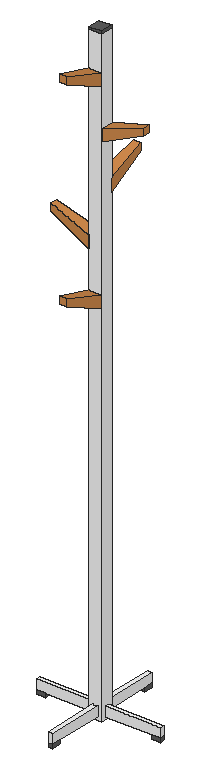
Revit family "Magnuson-Second_Tree1", category Furniture, Revit 2014
Parameters (values of type "Second Tree")
  Width = 15"
  URL = "https://magnusongroup.com/products.html"
  Type Comments = "SECOND TREE"  # constant formula
  Hangers Finish = MAG - Wood (Oak)
  Frame Finish = MAG - Powdercoat White
  Salvage or Reuse = yes
  Percentage of Recycled Content = 0
  Model = "Second Tree"
  Manufacturer = "MAGNUSON GROUP"  # constant formula
  Low Emitting Material = yes
  Low Emitting Finish = yes
  Keynote = "12500"
  Height = 74 3/4"
  Cap Finish = MAG - Plastic Black
  Description = "Second Tree"
  Depth = 15"
  Glides Finish = MAG - Plastic Black
  Assembly Code = "E2020200"
Reference planes (in)
  plane 1 "Center Front/Back": y = 0
  plane 2: z = 0
  plane 3 "Center Left/Right": x = 0
  plane 4: x = -0.75
  plane 5: x = 0.75
  plane 6: y = 0.75
  plane 7: y = -0.75
  plane 8: x = -0.26562
  plane 9: x = 0.26563
  plane 10: y = 0.26563
  plane 11: y = -0.26562
  plane 12: x = -7.5
  plane 13: x = 7.5
  plane 14: y = 7.5
  plane 15: y = -7.5
  plane 16: y = 6.375
  plane 17: y = -6.375
  plane 18: x = 6.375
  plane 19: x = -6.375
  plane 20: z = 0.45312
  plane 21: z = 1.60937
  plane 22: z = 74.5
  plane 23: z = 74.75
  plane 24: z = 0.0625
  plane 25: z = 44.75074
  plane 26: z = 50.75074
  plane 27: z = 56.75074
  plane 28: z = 62.75074
  plane 29: z = 68.75074
Forms (in)
  Extrusion 1, solid, material "MAG - Powdercoat White" <- "Frame Finish"
    sketch origin (0, 0, 0) x (1, 0, 0) y (0, 1, 0)
      loop
        line (0.26563, 7.5) -> (-0.26562, 7.5) -> (-0.26562, 0.75) -> (0.26563, 0.75) -> (0.26563, 7.5)
      loop
        line (7.5, 0.26563) -> (0.75, 0.26563) -> (0.75, -0.26562) -> (7.5, -0.26562) -> (7.5, 0.26563)
      loop
        line (0.26563, -7.5) -> (0.26563, -0.75) -> (-0.26562, -0.75) -> (-0.26562, -7.5) -> (0.26563, -7.5)
      loop
        line (-7.5, 0.26563) -> (-7.5, -0.26562) -> (-0.75, -0.26562) -> (-0.75, 0.26563) -> (-7.5, 0.26563)
    from 0.45312 to 1.60937
  Extrusion 2, solid, material "MAG - Powdercoat White" <- "Frame Finish"
    sketch origin (0, 0, 0) x (1, 0, 0) y (0, 1, 0)
      loop
        line (0.75, 0.75) -> (-0.75, 0.75) -> (-0.75, -0.75) -> (0.75, -0.75) -> (0.75, 0.75)
    from 0.0625 to 74.5
  Extrusion 3, solid, material "MAG - Plastic Black" <- "Glides Finish"
    sketch origin (0, 0, 0) x (1, 0, 0) y (0, 1, 0)
      loop
        line (0.26563, 7.5) -> (-0.26562, 7.5) -> (-0.26562, 6.375) -> (0.26563, 6.375) -> (0.26563, 7.5)
    from 0 to 0.45312
  Extrusion 4, solid, material "MAG - Plastic Black" <- "Glides Finish"
    sketch origin (0, 0, 0) x (1, 0, 0) y (0, 1, 0)
      loop
        line (6.375, 0.26563) -> (6.375, -0.26562) -> (7.5, -0.26562) -> (7.5, 0.26563) -> (6.375, 0.26563)
    from 0 to 0.45312
  Extrusion 5, solid, material "MAG - Plastic Black" <- "Glides Finish"
    sketch origin (0, 0, 0) x (1, 0, 0) y (0, 1, 0)
      loop
        line (0.26563, -6.375) -> (-0.26562, -6.375) -> (-0.26562, -7.5) -> (0.26563, -7.5) -> (0.26563, -6.375)
    from 0 to 0.45312
  Extrusion 6, solid, material "MAG - Plastic Black" <- "Glides Finish"
    sketch origin (0, 0, 0) x (1, 0, 0) y (0, 1, 0)
      loop
        line (-7.5, 0.26563) -> (-7.5, -0.26562) -> (-6.375, -0.26562) -> (-6.375, 0.26563) -> (-7.5, 0.26563)
    from 0 to 0.45312
  Extrusion 7, solid, material "MAG - Plastic Black" <- "Cap Finish"
    sketch origin (0, 0, 0) x (1, 0, 0) y (0, 1, 0)
      loop
        line (0.75, 0.75) -> (-0.75, 0.75) -> (-0.75, -0.75) -> (0.75, -0.75) -> (0.75, 0.75)
    from 74.5 to 74.75
Lines and regions (in)
  symbolic lines
    curve 1: line (0.26563, 7.5, 0) -> (0.26563, 5.57653, 0)
    curve 2: line (-0.26562, 7.5, 0) -> (-0.26562, 5.57653, 0)
    curve 3: line (0.26563, 7.5, 0) -> (-0.26562, 7.5, 0)
    curve 4: line (7.5, 0.26563, 0) -> (5.57653, 0.26563, 0)
    curve 5: line (7.5, -0.26562, 0) -> (5.57653, -0.26562, 0)
    curve 6: line (7.5, 0.26563, 0) -> (7.5, -0.26562, 0)
    curve 7: line (0.26563, -7.5, 0) -> (-0.26562, -7.5, 0)
    curve 8: line (-0.26562, -5.57653, 0) -> (-0.26562, -7.5, 0)
    curve 9: line (0.26563, -5.57653, 0) -> (0.26563, -7.5, 0)
    curve 10: line (-7.5, 0.26563, 0) -> (-7.5, -0.26562, 0)
    curve 11: line (-5.57653, 0.26563, 0) -> (-7.5, 0.26563, 0)
    curve 12: line (-5.57653, -0.26562, 0) -> (-7.5, -0.26562, 0)
    curve 13: line (5.57653, 0.38249, 0) -> (0.7484, 0.75012, 0)
    curve 14: line (0.7484, 0.75012, 0) -> (0.7484, -0.75, 0)
    curve 15: line (0.7484, -0.75, 0) -> (5.57653, -0.43592, 0)
    curve 16: line (5.57653, -0.43592, 0) -> (5.57653, 0.38249, 0)
Dimensions and locks (in)
  locked: plane 23 to plane 22 at 0.25
  plane 21 to plane 20 to plane 2 = 1 5/32" locked, 29/64" locked
  locked: plane 24 to plane 2 at 0.0625
  "Height": plane 23 to plane 2
  "Width": plane 12 to plane 13
  "Depth": plane 15 to plane 14
  locked: plane 12 to plane 19 at 1.125
  locked: plane 18 to plane 13 at 1.125
  locked: plane 16 to plane 14 at 1.125
  locked: plane 15 to plane 17 at 1.125
  plane 4 to plane 8 to plane 3 "Center Left/Right" to plane 9 to plane 5 = 31/64" locked, 17/64" locked, 17/64" locked, 31/64" locked
  plane 7 to plane 11 to plane 1 "Center Front/Back" to plane 10 to plane 6 = 31/64" locked, 17/64" locked, 17/64" locked, 31/64" locked
  equal spacing: plane 12, plane 3 "Center Left/Right", plane 13
  equal spacing: plane 15, plane 1 "Center Front/Back", plane 14
  plane 23 to plane 29 to plane 28 to plane 27 to plane 26 to plane 25 = 5.99926" locked, 6" locked, 6" locked, 6" locked, 6" locked
  aligned and locked: level to plane 2
  aligned and locked: Extrusion 1 sketch curve to plane 9
  aligned and locked: Extrusion 1 sketch curve to plane 8
  aligned and locked: Extrusion 1 sketch curve to plane 10
  aligned and locked: Extrusion 1 sketch curve to plane 11
  aligned and locked: Extrusion 1 sketch curve to plane 14
  aligned and locked: Extrusion 1 sketch curve to plane 13
  aligned and locked: Extrusion 1 sketch curve to plane 15
  aligned and locked: Extrusion 1 sketch curve to plane 12
  aligned and locked: Extrusion 1 sketch curve to plane 5
  aligned and locked: Extrusion 1 sketch curve to plane 4
  aligned and locked: Extrusion 1 sketch curve to plane 6
  aligned and locked: Extrusion 1 sketch curve to plane 7
  aligned and locked: Extrusion 2 sketch curve to plane 6
  aligned and locked: Extrusion 2 sketch curve to plane 7
  aligned and locked: Extrusion 2 sketch curve to plane 5
  aligned and locked: Extrusion 2 sketch curve to plane 4
  aligned and locked: Extrusion 1 to plane 20
  aligned and locked: plane 21 to Extrusion 1
  aligned and locked: Extrusion 3 sketch curve to plane 9
  aligned and locked: Extrusion 3 sketch curve to plane 8
  aligned and locked: Extrusion 3 sketch curve to plane 16
  aligned and locked: Extrusion 3 sketch curve to plane 14
  aligned and locked: Extrusion 4 sketch curve to plane 18
  aligned and locked: Extrusion 4 sketch curve to plane 13
  aligned and locked: Extrusion 4 sketch curve to plane 10
  aligned and locked: Extrusion 4 sketch curve to plane 11
  aligned and locked: Extrusion 5 sketch curve to plane 17
  aligned and locked: Extrusion 5 sketch curve to plane 15
  aligned and locked: Extrusion 5 sketch curve to plane 9
  aligned and locked: Extrusion 5 sketch curve to plane 8
  aligned and locked: Extrusion 6 sketch curve to plane 12
  aligned and locked: Extrusion 6 sketch curve to plane 19
  aligned and locked: Extrusion 6 sketch curve to plane 11
  aligned and locked: Extrusion 6 sketch curve to plane 10
  aligned and locked: Extrusion 6 to plane 2
  aligned and locked: plane 20 to Extrusion 6
  aligned and locked: Extrusion 4 to plane 2
  aligned and locked: plane 20 to Extrusion 4
  aligned and locked: Extrusion 3 to plane 2
  aligned and locked: plane 20 to Extrusion 3
  aligned and locked: Extrusion 5 to plane 2
  aligned and locked: plane 20 to Extrusion 5
  aligned and locked: Extrusion 2 to plane 24
  aligned and locked: plane 22 to Extrusion 2
  aligned and locked: Extrusion 7 sketch curve to plane 5
  aligned and locked: Extrusion 7 sketch curve to plane 4
  aligned and locked: Extrusion 7 sketch curve to plane 6
  aligned and locked: Extrusion 7 sketch curve to plane 7
  aligned and locked: Extrusion 7 to plane 22
  aligned and locked: plane 23 to Extrusion 7
  aligned and locked: plane 28 to nested 1
  aligned and locked: nested 2 to plane 26
  aligned and locked: plane 27 to nested 3
  aligned and locked: plane 25 to nested 4
  aligned and locked: plane 29 to nested 5
  aligned and locked: plane 1 "Center Front/Back" to nested 1
  aligned and locked: nested 1 to plane 1 "Center Front/Back"  (x2)
  aligned and locked: plane 3 "Center Left/Right" to nested 3
  aligned and locked: nested 3 to plane 3 "Center Left/Right"
  aligned and locked: nested 2 to plane 1 "Center Front/Back"
  aligned and locked: plane 1 "Center Front/Back" to nested 2
  aligned and locked: nested 5 to plane 3 "Center Left/Right"
  aligned and locked: nested 4 to plane 3 "Center Left/Right"
  aligned and locked: plane 1 "Center Front/Back" to nested 5
  aligned and locked: nested 3 to plane 1 "Center Front/Back"
  aligned and locked: plane 1 "Center Front/Back" to nested 4
  aligned and locked: plane 3 "Center Left/Right" to nested 1
  aligned and locked: plane 3 "Center Left/Right" to nested 2
  aligned and locked: curve 1 to plane 9
  aligned and locked: curve 2 to plane 8
  aligned and locked: curve 3 to plane 14
  aligned and locked: nested 3 to curve 1
  aligned and locked: nested 3 to curve 2
  aligned and locked: curve 4 to plane 10
  aligned and locked: curve 5 to plane 11
  aligned and locked: curve 6 to plane 13
  aligned and locked: nested 1 to curve 4
  aligned and locked: curve 7 to plane 15
  aligned and locked: nested 5 to curve 9
  aligned and locked: nested 5 to curve 8
  aligned and locked: curve 10 to plane 12
  aligned and locked: nested 2 to curve 12
  aligned and locked: nested 2 to curve 11
  aligned and locked: curve 13 to nested 1
  aligned and locked: curve 14 to nested 1
  aligned and locked: curve 15 to nested 1
  aligned and locked: curve 16 to nested 1
Automatic sketch dimensions
  Extrusion 1 sketch curve to plane 8 = 0"
  Extrusion 1 sketch curve to plane 9 = 0"
  plane 11 to Extrusion 1 sketch curve = 0"
  plane 10 to Extrusion 1 sketch curve = 0"
  curve 9 to plane 9 = 0"
  curve 8 to plane 8 = 0"
  plane 11 to curve 12 = 0"
  plane 10 to curve 11 = 0"
Nested families (in)
  nested 1: "Hanger" at (0, 0, 4.2504), Hanger Finish <- "Hangers Finish", type "Hanger"
    with Hanger Finish MAG - Wood (Oak)
  nested 2: "Hanger" at (0, 0, -7.7496) x (-1, 0, 0) z (0, 0, 1), Hanger Finish <- "Hangers Finish", type "Hanger"
    with Hanger Finish MAG - Wood (Oak)
  nested 3: "Hanger" at (0, 0, -1.7496) x (0, 1, 0) z (0, 0, 1), Hanger Finish <- "Hangers Finish", type "Hanger"
    with Hanger Finish MAG - Wood (Oak)
  nested 4: "Hanger" at (0, 0, -13.7496) x (0, -1, 0) z (0, 0, 1), Hanger Finish <- "Hangers Finish", type "Hanger"
    with Hanger Finish MAG - Wood (Oak)
  nested 5: "Hanger" at (0, 0, 10.2504) x (0, -1, 0) z (0, 0, 1), Hanger Finish <- "Hangers Finish", type "Hanger"
    with Hanger Finish MAG - Wood (Oak)
Definition of nested family "Hanger"
  Parameters (values of type "Hanger")
    URL = "https://magnusongroup.com/products.html"
    Type Comments = ""
    Model = ""
    Manufacturer = "MAGNUSON GROUP"  # constant formula
    Keynote = "12500"
    Hanger Finish [instance] = none
    Description = ""
    Assembly Code = "E2020200"
  Reference planes (in)
    plane 1 "Center Front/Back": y = 0
    plane 2: z = 0
    plane 3 "Center Left/Right": x = 0
    plane 4: x = 0.7484
    plane 5: y = 0.75012
    plane 6: y = -0.75
    plane 7: z = 58.50034
    plane 8: x = 5.57653
    plane 9: y = 1.25012
    plane 10: y = -1.25
    plane 11: x = 6.07653
    plane 12: z = 58.00034
    plane 13: z = 62.50034
  Forms (in)
    Extrusion 1, solid, material <- "Hanger Finish"
      sketch origin (0, 0, 0) x (1, 0, 0) y (0, 0, 1)
        loop
          line (0.7484, 60.00322) -> (0.7484, 58.50034) -> (5.57653, 60.73057) -> (5.57653, 61.55049) -> (0.7484, 60.00322)
      from -0.75012 to 0.75
    Extrusion 2, void
      sketch origin (0, 0, 0) x (1, 0, 0) y (0, 1, 0)
        loop
          line (0.7484, 0.75012) -> (0.7484, -0.75) -> (5.57653, -0.43592) -> (5.57653, 0.38249) -> (0.7484, 0.75012)
        loop
          line (6.07653, 1.25012) -> (0, 1.25012) -> (0, -1.25) -> (6.07653, -1.25) -> (6.07653, 1.25012)
      from 58.00034 to 62.50034
  Cuts and joins
    Extrusion 2 cuts Extrusion 1
  Lines and regions (in)
    reference lines
      curve 1: line (5.57793, 0, 60.73122) -> (0.7484, 0, 58.50034)
      curve 2: line (5.57653, 0, 61.55049) -> (0.7484, 0, 60.00322)
      curve 3: line (0.7484, 0.75012, 0) -> (5.57358, 0.38272, 0)
      curve 4: line (5.57358, -0.43611, 0) -> (0.7484, -0.75, 0)
    symbolic lines
      curve 5: line (5.57653, 0.38249, 0) -> (0.7484, 0.75012, 0)
      curve 6: line (0.7484, 0.75012, 0) -> (0.7484, -0.75, 0)
      curve 7: line (0.7484, -0.75, 0) -> (5.57653, -0.43592, 0)
      curve 8: line (5.57653, -0.43592, 0) -> (5.57653, 0.38249, 0)
  Dimensions and locks (in)
    curve 2 to curve 1 to curve 2 to plane 7 = 0.81927", 0.728", 1.50288"
    plane 11 to plane 8 to plane 4 to plane 3 "Center Left/Right" = 1/2" locked, 4 53/64" locked, 0.7484" locked
    curve 3 to plane 5 to plane 9 = 0.36741" locked, 1/2" locked
    plane 10 to plane 6 to curve 4 = 1/2" locked, 0.31389" locked
    plane 13 to plane 7 to plane 12 = 4" locked, 1/2" locked
    aligned and locked: level to plane 2
    aligned and locked: plane 7 to curve 1
    aligned and locked: plane 4 to curve 1
    aligned and locked: plane 4 to curve 2
    aligned and locked: plane 8 to curve 2
    aligned and locked: plane 4 to curve 3
    aligned and locked: plane 5 to curve 3
    aligned and locked: plane 4 to curve 4
    aligned and locked: plane 6 to curve 4
    aligned and locked: Extrusion 1 sketch curve to plane 4
    aligned and locked: Extrusion 1 sketch curve to plane 8
    aligned and locked: Extrusion 1 sketch curve to curve 2
    aligned and locked: curve 1 to Extrusion 1 sketch curve
    aligned and locked: Extrusion 1 to plane 5
    aligned and locked: plane 6 to Extrusion 1
    aligned and locked: Extrusion 2 sketch curve to plane 4
    aligned and locked: Extrusion 2 sketch curve to curve 3
    aligned and locked: Extrusion 2 sketch curve to curve 4
    aligned and locked: Extrusion 2 sketch curve to plane 8
    aligned and locked: Extrusion 2 sketch curve to plane 9
    aligned and locked: Extrusion 2 sketch curve to plane 11
    aligned and locked: Extrusion 2 sketch curve to plane 10
    aligned and locked: Extrusion 2 sketch curve to plane 3 "Center Left/Right"
    aligned and locked: plane 13 to Extrusion 2
    aligned and locked: Extrusion 2 to plane 12
    aligned and locked: curve 5 to cut or joined group of Extrusion 1, Extrusion 2
    aligned and locked: curve 6 to cut or joined group of Extrusion 1, Extrusion 2
    aligned and locked: curve 7 to cut or joined group of Extrusion 1, Extrusion 2
    aligned and locked: curve 8 to cut or joined group of Extrusion 1, Extrusion 2
